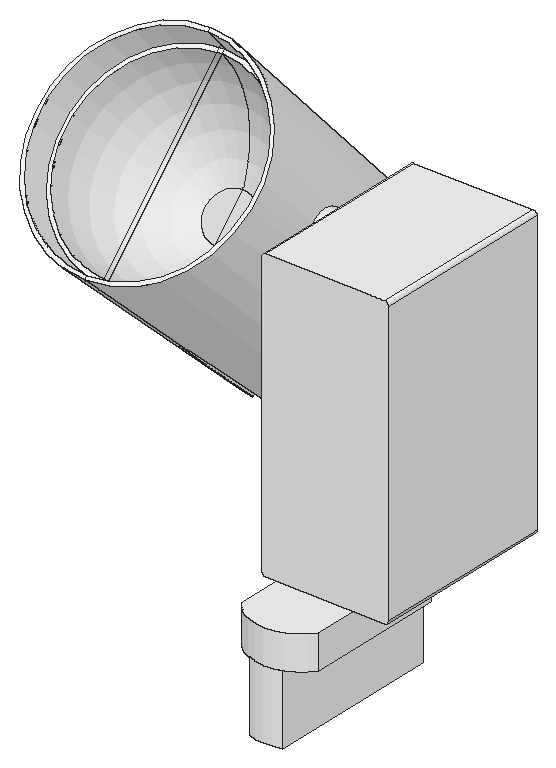
Revit family "0004825 Feilo Sylvania Lighting Fixture START TRACK SPOT S 14W 4K RA80 WB WHITE", category Lighting Fixtures, host Face, Revit 2017
Family settings
  Host = Face
  Round Connector Dimension = Use Diameter
  Part Type = Normal
  OmniClass Number = 23.80.70.00
  OmniClass Title = Lighting
  Cut with Voids When Loaded = No
  Light Source = No
  Shared = No
  Room Calculation Point = No
Parameters (values of type "0004825 START TRACK SPOT S 14W 4K RA80 WB WHITE")
  Weight = "0.94 kg"
  Wattage Comments = ""
  WarrantyStartDate [instance] = "n/a"
  WarrantyGuarantorParts = "n/a"
  WarrantyDurationUnit = "n/a"
  WarrantyDurationParts = "n/a"
  WarrantyDescription = "n/a"
  Voltage = 230 V
  URL = "http://www.sylvania-lighting.com"
  TypeName = "START TRACK SPOT S 14W 4K RA80 WB WHITE"
  TypeHead_FEILO = Start Track Spot Head : 0004825 START TRACK SPOT S 14W 4K RA80 WB WHITE
  TypeBox_FEILO = Start Track Spot Box : Type Small White
  Type Image = <None>
  Type Comments = "n/a"
  VerticalRotation_FEILO [instance] = 0.00°
  SlideEndAngle_FEILO [instance] = VerticalRotation_FEILO + 180.00°  # 180.00°
  SerialNumber [instance] = "n/a"
  Material_3_FEILO = none
  PowerFactor = 0.92
  PowerConsumption = "14 W"
  NominalLength = 0 mm
  NominalHeight = 200 mm
  NominalDepth = 140 mm
  Name = "START TRACK SPOT S 14W 4K RA80 WB WHITE"
  ModelReference = Name  # "START TRACK SPOT S 14W 4K RA80 WB WHITE"
  ModelNumber = "0004825"
  Model = Name  # "START TRACK SPOT S 14W 4K RA80 WB WHITE"
  Material = "adc12 aluminium housing, polycarbonate diffuser"
  ManufacturerName = "Feilo Sylvania"
  Manufacturer = "Feilo Sylvania"
  LuminousEfficacy = "111 lm/W"
  LuminaireType = ""
  LightOutputRatio = "100"
  LampsType = Lamp  # "LED"
  LampNominalLuminous = "1558 lm"
  LampMacAdamStep = "3"
  LampColourTemperature = "4000 K"
  LampColourRenderingIndex = "80"
  Lamp = "LED"
  Keynote = "16500"
  InstallationDate [instance] = "n/a"
  InputVoltage = "230-240V~"
  InputNominalFrequency = "50/60 Hz"
  IngressProtection = "IP20"
  ImpactProtectionIndex = "IK02"
  IfcExportType = "IfcLightFixtureType"
  IfcExportAs = "IfcLightFixtureType"
  HorizontalRotation_FEILO [instance] = 45.00°
  ExpectedLife = 50000
  ElectricShockClassification = "Class II"
  DurationUnit = "hours"
  DocumentationLiterature = "http://www.sylvania-lighting.com/product/en-int/products/0004825"
  DimmingControlOptions = "Non dimmable"
  Material_2_FEILO = none
  Description = "Integrated LED spotlight, Textured White - RAL9016, compact and minimalist design, ideal for retail applications, die-cast aluminium body, passive cooling heatsink. Beam angle: 64°, color temperature: 4000K , total system power: 14W, total fixture output: 1558 lm, LOR: 100%, colour rendering: Ra: 80 typical, LED Chromaticity: 3 step MacAdam ellipse, lifetime: >50000 hours at L70B50, energy class: A++, A+, A, IR/UV free light source without heat radiation, operating voltage: 220-240V / 50-60Hz, drive current: 350mA, electronic driver, non-dimmable, power factor: 0.92, electrical protection: Class II, Global Track 3 Phase adapter suitable for Global trac 3-circuit tracks, ingress protection rating: IP20, suitable for internal environment only, horizontal rotation: 355°, vertical tilt: 90°, dimensions: Ø86x140x200, weight: 0.940kg."
  Default Elevation = 1219.2 mm
  CreatedOn = "12/12/2017"
  CreatedBy = ""
  Cost = 0
  built-in parameter 1114216 [instance] = (empty or 0)
  ClassificationValue = "EF_70_80"
  ClassificationName = "Uniclass2015"
  Material_1_FEILO = Body-Sylvania-StartTrackSpot-White
  BarCode [instance] = "n/a"
  AssetType = "Fixed"
  AssetIdentifier [instance] = "n/a"
  Assembly Code = "D5020200"
  Apparent Load = 14 VA
  Material_4_FEILO = none
Reference planes
  plane 1 "Center (Front/Back)": y = 0
  plane 2: z = 0
  plane 3 "Center (Left/Right)": x = 0
  plane 4: x = 15
  plane 5: x = -15
  plane 6: y = 35
  plane 7: y = -35
  plane 8: z = 13
  plane 9: z = -27
  plane 10: x = 6.5
  plane 11: x = -6.5
  plane 12: y = 27
  plane 13: y = -27
  plane 14: y = 20
Forms (mm)
  Extrusion 1, solid, material "Body-Sylvania-StartTrackSpot-White" <- "Material_1_FEILO"
    sketch origin (0, 0, 0) x (1, 0, 0) y (0, 1, 0)
      loop
        line (-15, 27) -> (-15, -27)
        arc (-15, -27) -> (0, -35) -> (15, -27) r 18.062
        line (15, -27) -> (15, 27)
        arc (15, 27) -> (0, 35) -> (-15, 27) r 18.062
    from 0 to 13
  Extrusion 2, solid, material "Body-Sylvania-StartTrackSpot-White" <- "Material_1_FEILO"
    sketch origin (0, 0, 0) x (1, 0, 0) y (0, 1, 0)
      loop
        arc (6.5, 33.79) -> (0, 35) -> (-6.5, 33.79) r 18.062
        line (-6.5, 33.79) -> (-6.5, -33.79)
        arc (-6.5, -33.79) -> (0, -35) -> (6.5, -33.79) r 18.062
        line (6.5, -33.79) -> (6.5, 33.79)
    from 0 to -27
  Revolve 3, solid, not visible
    sketch origin (1524, 20, 1219.2) x (1, 0, 0) y (0, 0, 1)
      loop
        line (-1524, -1206.2) -> (-1524, -1191.285) -> (-1530.5, -1191.285) -> (-1530.5, -1206.2) -> (-1524, -1206.2)
      axis (-1524, -1191.285) -> (-1524, -1206.2)
    angle from 0 <- "VerticalRotation_FEILO" to 180 <- "SlideEndAngle_FEILO"
Cuts and joins
  joined: Extrusion 1, Extrusion 2
Dimensions and locks
  equal spacing: plane 10, plane 3 "Center (Left/Right)", plane 11
  equal spacing: plane 4, plane 3 "Center (Left/Right)", plane 5
  locked: plane 8 to plane 2 at 13
  locked: plane 8 to plane 9 at 40
  equal spacing: plane 13, plane 1 "Center (Front/Back)", plane 12
  locked: plane 12 to plane 6 at 8
  locked: plane 14 to plane 6 at 15
  locked: Revolve 3 sketch curve to plane 8 at 14.915
  aligned and locked: plane 2 to host face
  aligned and locked: level to host face
  aligned and locked: plane 5 to Extrusion 1 sketch curve  (x2)
  aligned and locked: plane 12 to Extrusion 1 sketch curve
  aligned and locked: plane 13 to Extrusion 1 sketch curve
  aligned and locked: plane 4 to Extrusion 1 sketch curve
  aligned and locked: Extrusion 1 to plane 8
  aligned and locked: Extrusion 1 to level
  aligned and locked: Extrusion 2 sketch curve to Extrusion 1  (x2)
  aligned and locked: Extrusion 2 sketch curve to plane 11
  aligned and locked: plane 10 to Extrusion 2 sketch curve
  aligned and locked: plane 9 to Extrusion 2
  aligned and locked: level to Extrusion 2
  aligned and locked: Revolve 3 sketch curve to plane 3 "Center (Left/Right)"  (x2)
  aligned and locked: plane 11 to Revolve 3 sketch curve
  aligned and locked: Revolve 3 sketch curve to plane 8
Automatic sketch dimensions
  host sketch curve to host sketch curve = 2438.4 mm  (x2)
  Extrusion 1 sketch curve to plane 3 "Center (Left/Right)" = 0 mm  (x2)
  Extrusion 1 sketch curve to plane 13 = 10.062 mm
  plane 12 to Extrusion 1 sketch curve = 10.062 mm
  Revolve 3 sketch curve to plane 3 "Center (Left/Right)" = 0 mm
  plane 9 to Revolve 3 sketch curve = 582.6 mm
  Revolve 3 sketch curve to Revolve 3 sketch curve = 2581.144 mm
Nested families
  nested 1: "Start Track Spot Head" at (-62, 20, 112.529) x (0, 0.7071, 0.7071) z (0, 0.7071, -0.7071), type <- "TypeHead_FEILO", type "0004825 START TRACK SPOT S 14W 4K RA80 WB WHITE"
    with built-in parameter 1114216 (empty or 0)
  nested 2: "Start Track Spot Box" at (8.5, 20, 73) x (-1, 0, 0) z (0, -1, 0), BoxStartAngle_FEILO <- "HorizontalRotation_FEILO", type <- "TypeBox_FEILO", type "Type Small White"
    with BoxStartAngle_FEILO 45.00°, BoxEndAngle_FEILO -135.00°
Connectors
  electrical at (0, 0, 0), driven by "Apparent Load", driven by "PowerFactor", driven by "Voltage"
    settings: index 1, voltage 230 V, apparent load 14 VA, apparent load phase1 0 VA, apparent load phase2 0 VA, apparent load phase3 0 VA, power factor 0.92, load classification "Lighting", number of poles 1, system type 30, power factor state 1, is connector primary yes, connector utility no, sub classification motor no, connector description ""
Definition of nested family "Start Track Spot Head"
  Parameters (values of type "0004811 START TRACK SPOT S 14W 3K RA80 NB WHITE")
    Wattage Comments = "n/a"
    Wattage = 14 W
    built-in parameter 1150110 = 1 (stored number, unit not read)
    URL = "http://www.feilosylvania.com"
    Type Image = (empty or 0)
    Type Comments = "n/a"
    built-in parameter 1114217 = 1 (stored number, unit not read)
    Tilt Angle = -90.00°
    built-in parameter 1150109 = 1 (stored number, unit not read)
    built-in parameter 1150134 = (empty or 0)
    built-in parameter 1150113 = 1 (stored number, unit not read)
    Photometric Web File = "0004811.ies"
    Material_3_FEILO = none
    Model = "START TRACK SPOT S 14W 3K RA80 NB WHITE"
    Manufacturer = "Feilo Sylvania"
    built-in parameter 1150105 = 123.66 (stored number, unit not read)
    Lumens = 1554 lm
    built-in parameter 1150115 = 1 (stored number, unit not read)
    built-in parameter 1150137 = (empty or 0)
    built-in parameter 1150139 = (empty or 0)
    built-in parameter 1150112 = 1 (stored number, unit not read)
    built-in parameter 1150114 = 1 (stored number, unit not read)
    Lamp = "LED"
    Keynote = "16500"
    Material_2_FEILO = none
    built-in parameter 1150132 = (empty or 0)
    built-in parameter 1150102 = (empty or 0)
    built-in parameter 1150107 = 3000 (stored number, unit not read)
    built-in parameter 1150138 = (empty or 0)
    built-in parameter 1150106 = 1.2366 (stored number, unit not read)
    HeadThickness_FEILO = if(HeadDiaOut_FEILO > 112 mm, 2 mm, 1.5 mm)  # 1.5 mm
    HeadRibOffset_FEILO = HeadHeight_FEILO / 28  # 4.179 mm
    HeadRibDepth_FEILO = HeadHeight_FEILO / 2.1  # 55.714 mm
    HeadRibCutWidth_FEILO = HeadDiaOut_FEILO / 12  # 7.167 mm
    HeadRibCutOffset_FEILO = HeadHeight_FEILO / 2.3  # 50.87 mm
    HeadReflectorRadius_FEILO = HeadDiaOut_FEILO / 1.7  # 50.588 mm
    HeadReflectorOffset_FEILO = HeadHeight_FEILO / 2.1  # 55.714 mm
    HeadLEDRadius_FEILO = HeadDiaOut_FEILO / 9  # 9.556 mm
    HeadHeight_FEILO = 117 mm
    HeadDraft_FEILO = 1 mm
    HeadDiffusorThickness_FEILO = 3 mm
    HeadDiffusorOffset_FEILO = HeadHeight_FEILO / 12.4  # 9.435 mm
    HeadDiaOut_FEILO = 86 mm
    HeadDiaIn_FEILO = HeadDiaOut_FEILO / 1.11  # 77.477 mm
    HeadAxisFromTop_FEILO = HeadHeight_FEILO / 1.687  # 69.354 mm
    Emit from Circle Diameter = HeadDiaIn_FEILO  # 77.477 mm
    Emit Shape Visible in Rendering = no
    built-in parameter 1150104 = 10.312 (stored number, unit not read)
    Dimming Lamp Color Temperature Shift = (empty or 0)
    Description = "Integrated LED spotlight, Textured White - RAL9016, compact and minimalist design, ideal for retail applications, die-cast aluminium body, passive cooling heatsink. Beam angle: 12°, color temperature: 3000K , total system power: 14W, total fixture output: 1551 lm, LOR: 100%, colour rendering: Ra: 80 typical, LED Chromaticity: 3 step MacAdam ellipse, lifetime: >50000 hours at L70B50, energy class: A++, A+, A, IR/UV free light source without heat radiation, operating voltage: 220-240V / 50-60Hz, drive current: 350mA, electronic driver, non-dimmable, power factor: 0.92, electrical protection: Class II, Global Track 3 Phase adapter suitable for Global trac 3-circuit tracks, ingress protection rating: IP20, suitable for internal environment only, horizontal rotation: 355°, vertical tilt: 90°, dimensions: Ø86x140x200, weight: 0.940kg."
    Default Elevation = 1219.2 mm
    Cost = 0
    Color Filter = 16777215
    built-in parameter 1114216 [instance] = (empty or 0)
    Material_1_FEILO = none
    built-in parameter 1114218 = 1 (stored number, unit not read)
    built-in parameter 1150133 = 10 (stored number, unit not read)
    Assembly Code = "D5020200"
    Apparent Load = 14 VA
    Material_4_FEILO = none
  Types (96, lengths in mm): name | Wattage | built-in parameter 1150134 | Photometric Web File | Model | built-in parameter 1150105 | Lumens | built-in parameter 1150107 | built-in parameter 1150106 | HeadThickness_FEILO | HeadRibOffset_FEILO | HeadRibDepth_FEILO | HeadRibCutWidth_FEILO | HeadRibCutOffset_FEILO | HeadReflectorRadius_FEILO | HeadReflectorOffset_FEILO | HeadLEDRadius_FEILO | HeadHeight_FEILO | HeadDiffusorOffset_FEILO | HeadDiaOut_FEILO | HeadDiaIn_FEILO | HeadAxisFromTop_FEILO | Emit from Circle Diameter | built-in parameter 1150104 | Description | Apparent Load
    0004906 START TRACK SPOT L 55W 4K RA90 WB BLACK | 55 W | 12 | "0004906.ies" | "START TRACK SPOT L 55W 4K RA90 WB BLACK" | 385.15 (stored number, unit not read) | 4840 lm | 4000 (stored number, unit not read) | 3.8515 (stored number, unit not read) | 2 | 4.429 | 59.048 | 9.417 | 53.913 | 66.471 | 59.048 | 12.556 | 124 | 10 | 113 | 101.802 | 73.503 | 101.802 | 8.1755 (stored number, unit not read) | "Integrated LED spotlight, Textured Black - RAL9005, compact and minimalist design, ideal for retail applications, die-cast aluminium body, passive cooling heatsink. Beam angle: 52°, color temperature: 4000K , total system power: 55W, total fixture output: 4824 lm, LOR: 100%, colour rendering: Ra: 90 typical, LED Chromaticity: 3 step MacAdam ellipse, lifetime: >50000 hours at L70B50, energy class: A++, A+, A, IR/UV free light source without heat radiation, operating voltage: 220-240V / 50-60Hz, drive current: 1400mA, electronic driver, non-dimmable, power factor: 0.96, electrical protection: Class II, Global Track 3 Phase adapter suitable for Global trac 3-circuit tracks, ingress protection rating: IP20, suitable for internal environment only, horizontal rotation: 355°, vertical tilt: 90°, dimensions: Ø113x164x240, weight: 1.398kg." | 55 VA
    0004905 START TRACK SPOT L 55W 4K RA90 MB BLACK | 55 W | 12 | "0004905.ies" | "START TRACK SPOT L 55W 4K RA90 MB BLACK" | 389.53 (stored number, unit not read) | 4895 lm | 4000 (stored number, unit not read) | 3.8953 (stored number, unit not read) | 2 | 4.429 | 59.048 | 9.417 | 53.913 | 66.471 | 59.048 | 12.556 | 124 | 10 | 113 | 101.802 | 73.503 | 101.802 | 8.2684 (stored number, unit not read) | "Integrated LED spotlight, Textured Black - RAL9005, compact and minimalist design, ideal for retail applications, die-cast aluminium body, passive cooling heatsink. Beam angle: 38°, color temperature: 4000K , total system power: 55W, total fixture output: 4897 lm, LOR: 100%, colour rendering: Ra: 90 typical, LED Chromaticity: 3 step MacAdam ellipse, lifetime: >50000 hours at L70B50, energy class: A++, A+, A, IR/UV free light source without heat radiation, operating voltage: 220-240V / 50-60Hz, drive current: 1400mA, electronic driver, non-dimmable, power factor: 0.96, electrical protection: Class II, Global Track 3 Phase adapter suitable for Global trac 3-circuit tracks, ingress protection rating: IP20, suitable for internal environment only, horizontal rotation: 355°, vertical tilt: 90°, dimensions: Ø113x164x240, weight: 1.398kg." | 55 VA
    0004904 START TRACK SPOT L 55W 4K RA90 NB BLACK | 55 W | 12 | "0004904.ies" | "START TRACK SPOT L 55W 4K RA90 NB BLACK" | 393.91 (stored number, unit not read) | 4950 lm | 4000 (stored number, unit not read) | 3.9391 (stored number, unit not read) | 2 | 4.429 | 59.048 | 9.417 | 53.913 | 66.471 | 59.048 | 12.556 | 124 | 10 | 113 | 101.802 | 73.503 | 101.802 | 8.3613 (stored number, unit not read) | "Integrated LED spotlight, Textured Black - RAL9005, compact and minimalist design, ideal for retail applications, die-cast aluminium body, passive cooling heatsink. Beam angle: 15°, color temperature: 4000K , total system power: 55W, total fixture output: 4965 lm, LOR: 100%, colour rendering: Ra: 90 typical, LED Chromaticity: 3 step MacAdam ellipse, lifetime: >50000 hours at L70B50, energy class: A++, A+, A, IR/UV free light source without heat radiation, operating voltage: 220-240V / 50-60Hz, drive current: 1400mA, electronic driver, non-dimmable, power factor: 0.96, electrical protection: Class II, Global Track 3 Phase adapter suitable for Global trac 3-circuit tracks, ingress protection rating: IP20, suitable for internal environment only, horizontal rotation: 355°, vertical tilt: 90°, dimensions: Ø113x164x240, weight: 1.398kg." | 55 VA
    0004903 START TRACK SPOT L 35W 4K RA90 WB BLACK | 35 W | 12 | "0004903.ies" | "START TRACK SPOT L 35W 4K RA90 WB BLACK" | 284.09 (stored number, unit not read) | 3570 lm | 4000 (stored number, unit not read) | 2.8409 (stored number, unit not read) | 2 | 4.429 | 59.048 | 9.417 | 53.913 | 66.471 | 59.048 | 12.556 | 124 | 10 | 113 | 101.802 | 73.503 | 101.802 | 9.4761 (stored number, unit not read) | "Integrated LED spotlight, Textured Black - RAL9005, compact and minimalist design, ideal for retail applications, die-cast aluminium body, passive cooling heatsink. Beam angle: 52°, color temperature: 4000K , total system power: 35W, total fixture output: 3562 lm, LOR: 100%, colour rendering: Ra: 90 typical, LED Chromaticity: 3 step MacAdam ellipse, lifetime: >50000 hours at L70B50, energy class: A++, A+, A, IR/UV free light source without heat radiation, operating voltage: 220-240V / 50-60Hz, drive current: 900mA, electronic driver, non-dimmable, power factor: 0.93, electrical protection: Class II, Global Track 3 Phase adapter suitable for Global trac 3-circuit tracks, ingress protection rating: IP20, suitable for internal environment only, horizontal rotation: 355°, vertical tilt: 90°, dimensions: Ø113x164x240, weight: 1.368kg." | 35 VA
    0004902 START TRACK SPOT L 35W 4K RA90 MB BLACK | 35 W | 12 | "0004902.ies" | "START TRACK SPOT L 35W 4K RA90 MB BLACK" | 286.88 (stored number, unit not read) | 3605 lm | 4000 (stored number, unit not read) | 2.8688 (stored number, unit not read) | 2 | 4.429 | 59.048 | 9.417 | 53.913 | 66.471 | 59.048 | 12.556 | 124 | 10 | 113 | 101.802 | 73.503 | 101.802 | 9.569 (stored number, unit not read) | "Integrated LED spotlight, Textured Black - RAL9005, compact and minimalist design, ideal for retail applications, die-cast aluminium body, passive cooling heatsink. Beam angle: 38°, color temperature: 4000K , total system power: 35W, total fixture output: 3616 lm, LOR: 100%, colour rendering: Ra: 90 typical, LED Chromaticity: 3 step MacAdam ellipse, lifetime: >50000 hours at L70B50, energy class: A++, A+, A, IR/UV free light source without heat radiation, operating voltage: 220-240V / 50-60Hz, drive current: 900mA, electronic driver, non-dimmable, power factor: 0.93, electrical protection: Class II, Global Track 3 Phase adapter suitable for Global trac 3-circuit tracks, ingress protection rating: IP20, suitable for internal environment only, horizontal rotation: 355°, vertical tilt: 90°, dimensions: Ø113x164x240, weight: 1.368kg." | 35 VA
    0004901 START TRACK SPOT L 35W 4K RA90 NB BLACK | 35 W | 12 | "0004901.ies" | "START TRACK SPOT L 35W 4K RA90 NB BLACK" | 286.88 (stored number, unit not read) | 3605 lm | 4000 (stored number, unit not read) | 2.8688 (stored number, unit not read) | 2 | 4.429 | 59.048 | 9.417 | 53.913 | 66.471 | 59.048 | 12.556 | 124 | 10 | 113 | 101.802 | 73.503 | 101.802 | 9.569 (stored number, unit not read) | "Integrated LED spotlight, Textured Black - RAL9005, compact and minimalist design, ideal for retail applications, die-cast aluminium body, passive cooling heatsink. Beam angle: 15°, color temperature: 4000K , total system power: 35W, total fixture output: 3593 lm, LOR: 100%, colour rendering: Ra: 90 typical, LED Chromaticity: 3 step MacAdam ellipse, lifetime: >50000 hours at L70B50, energy class: A++, A+, A, IR/UV free light source without heat radiation, operating voltage: 220-240V / 50-60Hz, drive current: 900mA, electronic driver, non-dimmable, power factor: 0.93, electrical protection: Class II, Global Track 3 Phase adapter suitable for Global trac 3-circuit tracks, ingress protection rating: IP20, suitable for internal environment only, horizontal rotation: 355°, vertical tilt: 90°, dimensions: Ø113x164x240, weight: 1.368kg." | 35 VA
    0004900 START TRACK SPOT S 24W 4K RA90 WB BLACK | 24 W | 12 | "0004900.ies" | "START TRACK SPOT S 24W 4K RA90 WB BLACK" | 166.16 (stored number, unit not read) | 2088 lm | 4000 (stored number, unit not read) | 1.6616 (stored number, unit not read) | 1.5 | 4.179 | 55.714 | 7.167 | 50.87 | 50.588 | 55.714 | 9.556 | 117 | 9.435 | 86 | 77.477 | 69.354 | 77.477 | 8.0826 (stored number, unit not read) | "Integrated LED spotlight, Textured Black - RAL9005, compact and minimalist design, ideal for retail applications, die-cast aluminium body, passive cooling heatsink. Beam angle: 64°, color temperature: 4000K , total system power: 24W, total fixture output: 2087 lm, LOR: 100%, colour rendering: Ra: 90 typical, LED Chromaticity: 3 step MacAdam ellipse, lifetime: >50000 hours at L70B50, energy class: A++, A+, A, IR/UV free light source without heat radiation, operating voltage: 220-240V / 50-60Hz, drive current: 600mA, electronic driver, non-dimmable, power factor: 0.95, electrical protection: Class II, Global Track 3 Phase adapter suitable for Global trac 3-circuit tracks, ingress protection rating: IP20, suitable for internal environment only, horizontal rotation: 355°, vertical tilt: 90°, dimensions: Ø86x140x200, weight: 0.966kg." | 24 VA
    0004899 START TRACK SPOT S 24W 4K RA90 MB BLACK | 24 W | 12 | "0004899.ies" | "START TRACK SPOT S 24W 4K RA90 MB BLACK" | 169.98 (stored number, unit not read) | 2136 lm | 4000 (stored number, unit not read) | 1.6998 (stored number, unit not read) | 1.5 | 4.179 | 55.714 | 7.167 | 50.87 | 50.588 | 55.714 | 9.556 | 117 | 9.435 | 86 | 77.477 | 69.354 | 77.477 | 8.2684 (stored number, unit not read) | "Integrated LED spotlight, Textured Black - RAL9005, compact and minimalist design, ideal for retail applications, die-cast aluminium body, passive cooling heatsink. Beam angle: 36°, color temperature: 4000K , total system power: 24W, total fixture output: 2141 lm, LOR: 100%, colour rendering: Ra: 90 typical, LED Chromaticity: 3 step MacAdam ellipse, lifetime: >50000 hours at L70B50, energy class: A++, A+, A, IR/UV free light source without heat radiation, operating voltage: 220-240V / 50-60Hz, drive current: 600mA, electronic driver, non-dimmable, power factor: 0.95, electrical protection: Class II, Global Track 3 Phase adapter suitable for Global trac 3-circuit tracks, ingress protection rating: IP20, suitable for internal environment only, horizontal rotation: 355°, vertical tilt: 90°, dimensions: Ø86x140x200, weight: 0.966kg." | 24 VA
    0004898 START TRACK SPOT S 24W 4K RA90 NB BLACK | 24 W | 12 | "0004898.ies" | "START TRACK SPOT S 24W 4K RA90 NB BLACK" | 171.89 (stored number, unit not read) | 2160 lm | 4000 (stored number, unit not read) | 1.7189 (stored number, unit not read) | 1.5 | 4.179 | 55.714 | 7.167 | 50.87 | 50.588 | 55.714 | 9.556 | 117 | 9.435 | 86 | 77.477 | 69.354 | 77.477 | 8.3613 (stored number, unit not read) | "Integrated LED spotlight, Textured Black - RAL9005, compact and minimalist design, ideal for retail applications, die-cast aluminium body, passive cooling heatsink. Beam angle: 12°, color temperature: 4000K , total system power: 24W, total fixture output: 2155 lm, LOR: 100%, colour rendering: Ra: 90 typical, LED Chromaticity: 3 step MacAdam ellipse, lifetime: >50000 hours at L70B50, energy class: A++, A+, A, IR/UV free light source without heat radiation, operating voltage: 220-240V / 50-60Hz, drive current: 600mA, electronic driver, non-dimmable, power factor: 0.95, electrical protection: Class II, Global Track 3 Phase adapter suitable for Global trac 3-circuit tracks, ingress protection rating: IP20, suitable for internal environment only, horizontal rotation: 355°, vertical tilt: 90°, dimensions: Ø86x140x200, weight: 0.966kg." | 24 VA
    0004897 START TRACK SPOT S 14W 4K RA90 WB BLACK | 14 W | 12 | "0004897.ies" | "START TRACK SPOT S 14W 4K RA90 WB BLACK" | 108.07 (stored number, unit not read) | 1358 lm | 4000 (stored number, unit not read) | 1.0807 (stored number, unit not read) | 1.5 | 4.179 | 55.714 | 7.167 | 50.87 | 50.588 | 55.714 | 9.556 | 117 | 9.435 | 86 | 77.477 | 69.354 | 77.477 | 9.0116 (stored number, unit not read) | "Integrated LED spotlight, Textured Black - RAL9005, compact and minimalist design, ideal for retail applications, die-cast aluminium body, passive cooling heatsink. Beam angle: 64°, color temperature: 4000K , total system power: 14W, total fixture output: 1352 lm, LOR: 100%, colour rendering: Ra: 90 typical, LED Chromaticity: 3 step MacAdam ellipse, lifetime: >50000 hours at L70B50, energy class: A++, A+, A, IR/UV free light source without heat radiation, operating voltage: 220-240V / 50-60Hz, drive current: 350mA, electronic driver, non-dimmable, power factor: 0.92, electrical protection: Class II, Global Track 3 Phase adapter suitable for Global trac 3-circuit tracks, ingress protection rating: IP20, suitable for internal environment only, horizontal rotation: 355°, vertical tilt: 90°, dimensions: Ø86x140x200, weight: 0.940kg." | 14 VA
    0004896 START TRACK SPOT S 14W 4K RA90 MB BLACK | 14 W | 12 | "0004896.ies" | "START TRACK SPOT S 14W 4K RA90 MB BLACK" | 108.07 (stored number, unit not read) | 1358 lm | 4000 (stored number, unit not read) | 1.0807 (stored number, unit not read) | 1.5 | 4.179 | 55.714 | 7.167 | 50.87 | 50.588 | 55.714 | 9.556 | 117 | 9.435 | 86 | 77.477 | 69.354 | 77.477 | 9.0116 (stored number, unit not read) | "Integrated LED spotlight, Textured Black - RAL9005, compact and minimalist design, ideal for retail applications, die-cast aluminium body, passive cooling heatsink. Beam angle: 36°, color temperature: 4000K , total system power: 14W, total fixture output: 1359 lm, LOR: 100%, colour rendering: Ra: 90 typical, LED Chromaticity: 3 step MacAdam ellipse, lifetime: >50000 hours at L70B50, energy class: A++, A+, A, IR/UV free light source without heat radiation, operating voltage: 220-240V / 50-60Hz, drive current: 350mA, electronic driver, non-dimmable, power factor: 0.92, electrical protection: Class II, Global Track 3 Phase adapter suitable for Global trac 3-circuit tracks, ingress protection rating: IP20, suitable for internal environment only, horizontal rotation: 355°, vertical tilt: 90°, dimensions: Ø86x140x200, weight: 0.940kg." | 14 VA
    0004895 START TRACK SPOT S 14W 4K RA90 NB BLACK | 14 W | 12 | "0004895.ies" | "START TRACK SPOT S 14W 4K RA90 NB BLACK" | 106.95 (stored number, unit not read) | 1344 lm | 4000 (stored number, unit not read) | 1.0695 (stored number, unit not read) | 1.5 | 4.179 | 55.714 | 7.167 | 50.87 | 50.588 | 55.714 | 9.556 | 117 | 9.435 | 86 | 77.477 | 69.354 | 77.477 | 8.9187 (stored number, unit not read) | "Integrated LED spotlight, Textured Black - RAL9005, compact and minimalist design, ideal for retail applications, die-cast aluminium body, passive cooling heatsink. Beam angle: 12°, color temperature: 4000K , total system power: 14W, total fixture output: 1349 lm, LOR: 100%, colour rendering: Ra: 90 typical, LED Chromaticity: 3 step MacAdam ellipse, lifetime: >50000 hours at L70B50, energy class: A++, A+, A, IR/UV free light source without heat radiation, operating voltage: 220-240V / 50-60Hz, drive current: 350mA, electronic driver, non-dimmable, power factor: 0.92, electrical protection: Class II, Global Track 3 Phase adapter suitable for Global trac 3-circuit tracks, ingress protection rating: IP20, suitable for internal environment only, horizontal rotation: 355°, vertical tilt: 90°, dimensions: Ø86x140x200, weight: 0.940kg." | 14 VA
    0004894 START TRACK SPOT L 55W 3K RA90 WB BLACK | 55 W | (empty or 0) | "0004894.ies" | "START TRACK SPOT L 55W 3K RA90 WB BLACK" | 350.14 (stored number, unit not read) | 4400 lm | 3000 (stored number, unit not read) | 3.5014 (stored number, unit not read) | 2 | 4.429 | 59.048 | 9.417 | 53.913 | 66.471 | 59.048 | 12.556 | 124 | 10 | 113 | 101.802 | 73.503 | 101.802 | 7.4322 (stored number, unit not read) | "Integrated LED spotlight, Textured Black - RAL9005, compact and minimalist design, ideal for retail applications, die-cast aluminium body, passive cooling heatsink. Beam angle: 52°, color temperature: 3000K , total system power: 55W, total fixture output: 4405 lm, LOR: 100%, colour rendering: Ra: 90 typical, LED Chromaticity: 3 step MacAdam ellipse, lifetime: >50000 hours at L70B50, energy class: A++, A+, A, IR/UV free light source without heat radiation, operating voltage: 220-240V / 50-60Hz, drive current: 1400mA, electronic driver, non-dimmable, power factor: 0.96, electrical protection: Class II, Global Track 3 Phase adapter suitable for Global trac 3-circuit tracks, ingress protection rating: IP20, suitable for internal environment only, horizontal rotation: 355°, vertical tilt: 90°, dimensions: Ø113x164x240, weight: 1.398kg." | 55 VA
    0004893 START TRACK SPOT L 55W 3K RA90 MB BLACK | 55 W | (empty or 0) | "0004893.ies" | "START TRACK SPOT L 55W 3K RA90 MB BLACK" | 354.52 (stored number, unit not read) | 4455 lm | 3000 (stored number, unit not read) | 3.5452 (stored number, unit not read) | 2 | 4.429 | 59.048 | 9.417 | 53.913 | 66.471 | 59.048 | 12.556 | 124 | 10 | 113 | 101.802 | 73.503 | 101.802 | 7.5251 (stored number, unit not read) | "Integrated LED spotlight, Textured Black - RAL9005, compact and minimalist design, ideal for retail applications, die-cast aluminium body, passive cooling heatsink. Beam angle: 38°, color temperature: 3000K , total system power: 55W, total fixture output: 4448 lm, LOR: 100%, colour rendering: Ra: 90 typical, LED Chromaticity: 3 step MacAdam ellipse, lifetime: >50000 hours at L70B50, energy class: A++, A+, A, IR/UV free light source without heat radiation, operating voltage: 220-240V / 50-60Hz, drive current: 1400mA, electronic driver, non-dimmable, power factor: 0.96, electrical protection: Class II, Global Track 3 Phase adapter suitable for Global trac 3-circuit tracks, ingress protection rating: IP20, suitable for internal environment only, horizontal rotation: 355°, vertical tilt: 90°, dimensions: Ø113x164x240, weight: 1.398kg." | 55 VA
    0004892 START TRACK SPOT L 55W 3K RA90 NB BLACK | 55 W | (empty or 0) | "0004892.ies" | "START TRACK SPOT L 55W 3K RA90 NB BLACK" | 350.14 (stored number, unit not read) | 4400 lm | 3000 (stored number, unit not read) | 3.5014 (stored number, unit not read) | 2 | 4.429 | 59.048 | 9.417 | 53.913 | 66.471 | 59.048 | 12.556 | 124 | 10 | 113 | 101.802 | 73.503 | 101.802 | 7.4322 (stored number, unit not read) | "Integrated LED spotlight, Textured Black - RAL9005, compact and minimalist design, ideal for retail applications, die-cast aluminium body, passive cooling heatsink. Beam angle: 15°, color temperature: 3000K , total system power: 55W, total fixture output: 4416 lm, LOR: 100%, colour rendering: Ra: 90 typical, LED Chromaticity: 3 step MacAdam ellipse, lifetime: >50000 hours at L70B50, energy class: A++, A+, A, IR/UV free light source without heat radiation, operating voltage: 220-240V / 50-60Hz, drive current: 1400mA, electronic driver, non-dimmable, power factor: 0.96, electrical protection: Class II, Global Track 3 Phase adapter suitable for Global trac 3-circuit tracks, ingress protection rating: IP20, suitable for internal environment only, horizontal rotation: 355°, vertical tilt: 90°, dimensions: Ø113x164x240, weight: 1.398kg." | 55 VA
    0004891 START TRACK SPOT L 35W 3K RA90 WB BLACK | 35 W | (empty or 0) | "0004891.ies" | "START TRACK SPOT L 35W 3K RA90 WB BLACK" | 259.02 (stored number, unit not read) | 3255 lm | 3000 (stored number, unit not read) | 2.5902 (stored number, unit not read) | 2 | 4.429 | 59.048 | 9.417 | 53.913 | 66.471 | 59.048 | 12.556 | 124 | 10 | 113 | 101.802 | 73.503 | 101.802 | 8.64 (stored number, unit not read) | "Integrated LED spotlight, Textured Black - RAL9005, compact and minimalist design, ideal for retail applications, die-cast aluminium body, passive cooling heatsink. Beam angle: 52°, color temperature: 3000K , total system power: 35W, total fixture output: 3260 lm, LOR: 100%, colour rendering: Ra: 90 typical, LED Chromaticity: 3 step MacAdam ellipse, lifetime: >50000 hours at L70B50, energy class: A++, A+, A, IR/UV free light source without heat radiation, operating voltage: 220-240V / 50-60Hz, drive current: 900mA, electronic driver, non-dimmable, power factor: 0.93, electrical protection: Class II, Global Track 3 Phase adapter suitable for Global trac 3-circuit tracks, ingress protection rating: IP20, suitable for internal environment only, horizontal rotation: 355°, vertical tilt: 90°, dimensions: Ø113x164x240, weight: 1.368kg." | 35 VA
    0004890 START TRACK SPOT L 35W 3K RA90 MB BLACK | 35 W | (empty or 0) | "0004890.ies" | "START TRACK SPOT L 35W 3K RA90 MB BLACK" | 261.81 (stored number, unit not read) | 3290 lm | 3000 (stored number, unit not read) | 2.6181 (stored number, unit not read) | 2 | 4.429 | 59.048 | 9.417 | 53.913 | 66.471 | 59.048 | 12.556 | 124 | 10 | 113 | 101.802 | 73.503 | 101.802 | 8.7329 (stored number, unit not read) | "Integrated LED spotlight, Textured Black - RAL9005, compact and minimalist design, ideal for retail applications, die-cast aluminium body, passive cooling heatsink. Beam angle: 38°, color temperature: 3000K , total system power: 35W, total fixture output: 3306 lm, LOR: 100%, colour rendering: Ra: 90 typical, LED Chromaticity: 3 step MacAdam ellipse, lifetime: >50000 hours at L70B50, energy class: A++, A+, A, IR/UV free light source without heat radiation, operating voltage: 220-240V / 50-60Hz, drive current: 900mA, electronic driver, non-dimmable, power factor: 0.93, electrical protection: Class II, Global Track 3 Phase adapter suitable for Global trac 3-circuit tracks, ingress protection rating: IP20, suitable for internal environment only, horizontal rotation: 355°, vertical tilt: 90°, dimensions: Ø113x164x240, weight: 1.368kg." | 35 VA
    0004889 START TRACK SPOT L 35W 3K RA90 NB BLACK | 35 W | (empty or 0) | "0004889.ies" | "START TRACK SPOT L 35W 3K RA90 NB BLACK" | 261.81 (stored number, unit not read) | 3290 lm | 3000 (stored number, unit not read) | 2.6181 (stored number, unit not read) | 2 | 4.429 | 59.048 | 9.417 | 53.913 | 66.471 | 59.048 | 12.556 | 124 | 10 | 113 | 101.802 | 73.503 | 101.802 | 8.7329 (stored number, unit not read) | "Integrated LED spotlight, Textured Black - RAL9005, compact and minimalist design, ideal for retail applications, die-cast aluminium body, passive cooling heatsink. Beam angle: 15°, color temperature: 3000K , total system power: 35W, total fixture output: 3287 lm, LOR: 100%, colour rendering: Ra: 90 typical, LED Chromaticity: 3 step MacAdam ellipse, lifetime: >50000 hours at L70B50, energy class: A++, A+, A, IR/UV free light source without heat radiation, operating voltage: 220-240V / 50-60Hz, drive current: 900mA, electronic driver, non-dimmable, power factor: 0.93, electrical protection: Class II, Global Track 3 Phase adapter suitable for Global trac 3-circuit tracks, ingress protection rating: IP20, suitable for internal environment only, horizontal rotation: 355°, vertical tilt: 90°, dimensions: Ø113x164x240, weight: 1.368kg." | 35 VA
    0004888 START TRACK SPOT S 24W 3K RA90 WB BLACK | 24 W | (empty or 0) | "0004888.ies" | "START TRACK SPOT S 24W 3K RA90 WB BLACK" | 152.79 (stored number, unit not read) | 1920 lm | 3000 (stored number, unit not read) | 1.5279 (stored number, unit not read) | 1.5 | 4.179 | 55.714 | 7.167 | 50.87 | 50.588 | 55.714 | 9.556 | 117 | 9.435 | 86 | 77.477 | 69.354 | 77.477 | 7.4322 (stored number, unit not read) | "Integrated LED spotlight, Textured Black - RAL9005, compact and minimalist design, ideal for retail applications, die-cast aluminium body, passive cooling heatsink. Beam angle: 64°, color temperature: 3000K , total system power: 24W, total fixture output: 1928 lm, LOR: 100%, colour rendering: Ra: 90 typical, LED Chromaticity: 3 step MacAdam ellipse, lifetime: >50000 hours at L70B50, energy class: A++, A+, A, IR/UV free light source without heat radiation, operating voltage: 220-240V / 50-60Hz, drive current: 600mA, electronic driver, non-dimmable, power factor: 0.95, electrical protection: Class II, Global Track 3 Phase adapter suitable for Global trac 3-circuit tracks, ingress protection rating: IP20, suitable for internal environment only, horizontal rotation: 355°, vertical tilt: 90°, dimensions: Ø86x140x200, weight: 0.966kg." | 24 VA
    0004887 START TRACK SPOT S 24W 3K RA90 MB BLACK | 24 W | (empty or 0) | "0004887.ies" | "START TRACK SPOT S 24W 3K RA90 MB BLACK" | 154.7 (stored number, unit not read) | 1944 lm | 3000 (stored number, unit not read) | 1.547 (stored number, unit not read) | 1.5 | 4.179 | 55.714 | 7.167 | 50.87 | 50.588 | 55.714 | 9.556 | 117 | 9.435 | 86 | 77.477 | 69.354 | 77.477 | 7.5251 (stored number, unit not read) | "Integrated LED spotlight, Textured Black - RAL9005, compact and minimalist design, ideal for retail applications, die-cast aluminium body, passive cooling heatsink. Beam angle: 36°, color temperature: 3000K , total system power: 24W, total fixture output: 1944 lm, LOR: 100%, colour rendering: Ra: 90 typical, LED Chromaticity: 3 step MacAdam ellipse, lifetime: >50000 hours at L70B50, energy class: A++, A+, A, IR/UV free light source without heat radiation, operating voltage: 220-240V / 50-60Hz, drive current: 600mA, electronic driver, non-dimmable, power factor: 0.95, electrical protection: Class II, Global Track 3 Phase adapter suitable for Global trac 3-circuit tracks, ingress protection rating: IP20, suitable for internal environment only, horizontal rotation: 355°, vertical tilt: 90°, dimensions: Ø86x140x200, weight: 0.966kg." | 24 VA
    0004886 START TRACK SPOT S 24W 3K RA90 NB BLACK | 24 W | (empty or 0) | "0004886.ies" | "START TRACK SPOT S 24W 3K RA90 NB BLACK" | 158.52 (stored number, unit not read) | 1992 lm | 3000 (stored number, unit not read) | 1.5852 (stored number, unit not read) | 1.5 | 4.179 | 55.714 | 7.167 | 50.87 | 50.588 | 55.714 | 9.556 | 117 | 9.435 | 86 | 77.477 | 69.354 | 77.477 | 7.711 (stored number, unit not read) | "Integrated LED spotlight, Textured Black - RAL9005, compact and minimalist design, ideal for retail applications, die-cast aluminium body, passive cooling heatsink. Beam angle: 12°, color temperature: 3000K , total system power: 24W, total fixture output: 1987 lm, LOR: 100%, colour rendering: Ra: 90 typical, LED Chromaticity: 3 step MacAdam ellipse, lifetime: >50000 hours at L70B50, energy class: A++, A+, A, IR/UV free light source without heat radiation, operating voltage: 220-240V / 50-60Hz, drive current: 600mA, electronic driver, non-dimmable, power factor: 0.95, electrical protection: Class II, Global Track 3 Phase adapter suitable for Global trac 3-circuit tracks, ingress protection rating: IP20, suitable for internal environment only, horizontal rotation: 355°, vertical tilt: 90°, dimensions: Ø86x140x200, weight: 0.966kg." | 24 VA
    0004885 START TRACK SPOT S 14W 3K RA90 WB BLACK | 14 W | (empty or 0) | "0004885.ies" | "START TRACK SPOT S 14W 3K RA90 WB BLACK" | 100.27 (stored number, unit not read) | 1260 lm | 3000 (stored number, unit not read) | 1.0027 (stored number, unit not read) | 1.5 | 4.179 | 55.714 | 7.167 | 50.87 | 50.588 | 55.714 | 9.556 | 117 | 9.435 | 86 | 77.477 | 69.354 | 77.477 | 8.3613 (stored number, unit not read) | "Integrated LED spotlight, Textured Black - RAL9005, compact and minimalist design, ideal for retail applications, die-cast aluminium body, passive cooling heatsink. Beam angle: 64°, color temperature: 3000K , total system power: 14W, total fixture output: 1262 lm, LOR: 100%, colour rendering: Ra: 90 typical, LED Chromaticity: 3 step MacAdam ellipse, lifetime: >50000 hours at L70B50, energy class: A++, A+, A, IR/UV free light source without heat radiation, operating voltage: 220-240V / 50-60Hz, drive current: 350mA, electronic driver, non-dimmable, power factor: 0.92, electrical protection: Class II, Global Track 3 Phase adapter suitable for Global trac 3-circuit tracks, ingress protection rating: IP20, suitable for internal environment only, horizontal rotation: 355°, vertical tilt: 90°, dimensions: Ø86x140x200, weight: 0.940kg." | 14 VA
    0004884 START TRACK SPOT S 14W 3K RA90 MB BLACK | 14 W | (empty or 0) | "0004884.ies" | "START TRACK SPOT S 14W 3K RA90 MB BLACK" | 100.27 (stored number, unit not read) | 1260 lm | 3000 (stored number, unit not read) | 1.0027 (stored number, unit not read) | 1.5 | 4.179 | 55.714 | 7.167 | 50.87 | 50.588 | 55.714 | 9.556 | 117 | 9.435 | 86 | 77.477 | 69.354 | 77.477 | 8.3613 (stored number, unit not read) | "Integrated LED spotlight, Textured Black - RAL9005, compact and minimalist design, ideal for retail applications, die-cast aluminium body, passive cooling heatsink. Beam angle: 36°, color temperature: 3000K , total system power: 14W, total fixture output: 1262 lm, LOR: 100%, colour rendering: Ra: 90 typical, LED Chromaticity: 3 step MacAdam ellipse, lifetime: >50000 hours at L70B50, energy class: A++, A+, A, IR/UV free light source without heat radiation, operating voltage: 220-240V / 50-60Hz, drive current: 350mA, electronic driver, non-dimmable, power factor: 0.92, electrical protection: Class II, Global Track 3 Phase adapter suitable for Global trac 3-circuit tracks, ingress protection rating: IP20, suitable for internal environment only, horizontal rotation: 355°, vertical tilt: 90°, dimensions: Ø86x140x200, weight: 0.940kg." | 14 VA
    0004883 START TRACK SPOT S 14W 3K RA90 NB BLACK | 14 W | (empty or 0) | "0004883.ies" | "START TRACK SPOT S 14W 3K RA90 NB BLACK" | 102.5 (stored number, unit not read) | 1288 lm | 3000 (stored number, unit not read) | 1.025 (stored number, unit not read) | 1.5 | 4.179 | 55.714 | 7.167 | 50.87 | 50.588 | 55.714 | 9.556 | 117 | 9.435 | 86 | 77.477 | 69.354 | 77.477 | 8.5471 (stored number, unit not read) | "Integrated LED spotlight, Textured Black - RAL9005, compact and minimalist design, ideal for retail applications, die-cast aluminium body, passive cooling heatsink. Beam angle: 12°, color temperature: 3000K , total system power: 14W, total fixture output: 1284 lm, LOR: 100%, colour rendering: Ra: 90 typical, LED Chromaticity: 3 step MacAdam ellipse, lifetime: >50000 hours at L70B50, energy class: A++, A+, A, IR/UV free light source without heat radiation, operating voltage: 220-240V / 50-60Hz, drive current: 350mA, electronic driver, non-dimmable, power factor: 0.92, electrical protection: Class II, Global Track 3 Phase adapter suitable for Global trac 3-circuit tracks, ingress protection rating: IP20, suitable for internal environment only, horizontal rotation: 355°, vertical tilt: 90°, dimensions: Ø86x140x200, weight: 0.940kg." | 14 VA
    0004882 START TRACK SPOT L 55W 4K RA90 WB WHITE | 55 W | 12 | "0004882.ies" | "START TRACK SPOT L 55W 4K RA90 WB WHITE" | 385.15 (stored number, unit not read) | 4840 lm | 4000 (stored number, unit not read) | 3.8515 (stored number, unit not read) | 2 | 4.429 | 59.048 | 9.417 | 53.913 | 66.471 | 59.048 | 12.556 | 124 | 10 | 113 | 101.802 | 73.503 | 101.802 | 8.1755 (stored number, unit not read) | "Integrated LED spotlight, Textured White - RAL9016, compact and minimalist design, ideal for retail applications, die-cast aluminium body, passive cooling heatsink. Beam angle: 52°, color temperature: 4000K , total system power: 55W, total fixture output: 4824 lm, LOR: 100%, colour rendering: Ra: 90 typical, LED Chromaticity: 3 step MacAdam ellipse, lifetime: >50000 hours at L70B50, energy class: A++, A+, A, IR/UV free light source without heat radiation, operating voltage: 220-240V / 50-60Hz, drive current: 1400mA, electronic driver, non-dimmable, power factor: 0.96, electrical protection: Class II, Global Track 3 Phase adapter suitable for Global trac 3-circuit tracks, ingress protection rating: IP20, suitable for internal environment only, horizontal rotation: 355°, vertical tilt: 90°, dimensions: Ø113x164x240, weight: 1.398kg." | 55 VA
    0004881 START TRACK SPOT L 55W 4K RA90 MB WHITE | 55 W | 12 | "0004881.ies" | "START TRACK SPOT L 55W 4K RA90 MB WHITE" | 389.53 (stored number, unit not read) | 4895 lm | 4000 (stored number, unit not read) | 3.8953 (stored number, unit not read) | 2 | 4.429 | 59.048 | 9.417 | 53.913 | 66.471 | 59.048 | 12.556 | 124 | 10 | 113 | 101.802 | 73.503 | 101.802 | 8.2684 (stored number, unit not read) | "Integrated LED spotlight, Textured White - RAL9016, compact and minimalist design, ideal for retail applications, die-cast aluminium body, passive cooling heatsink. Beam angle: 38°, color temperature: 4000K , total system power: 55W, total fixture output: 4897 lm, LOR: 100%, colour rendering: Ra: 90 typical, LED Chromaticity: 3 step MacAdam ellipse, lifetime: >50000 hours at L70B50, energy class: A++, A+, A, IR/UV free light source without heat radiation, operating voltage: 220-240V / 50-60Hz, drive current: 1400mA, electronic driver, non-dimmable, power factor: 0.96, electrical protection: Class II, Global Track 3 Phase adapter suitable for Global trac 3-circuit tracks, ingress protection rating: IP20, suitable for internal environment only, horizontal rotation: 355°, vertical tilt: 90°, dimensions: Ø113x164x240, weight: 1.398kg." | 55 VA
    0004880 START TRACK SPOT L 55W 4K RA90 NB WHITE | 55 W | 12 | "0004880.ies" | "START TRACK SPOT L 55W 4K RA90 NB WHITE" | 393.91 (stored number, unit not read) | 4950 lm | 4000 (stored number, unit not read) | 3.9391 (stored number, unit not read) | 2 | 4.429 | 59.048 | 9.417 | 53.913 | 66.471 | 59.048 | 12.556 | 124 | 10 | 113 | 101.802 | 73.503 | 101.802 | 8.3613 (stored number, unit not read) | "Integrated LED spotlight, Textured White - RAL9016, compact and minimalist design, ideal for retail applications, die-cast aluminium body, passive cooling heatsink. Beam angle: 15°, color temperature: 4000K , total system power: 55W, total fixture output: 4965 lm, LOR: 100%, colour rendering: Ra: 90 typical, LED Chromaticity: 3 step MacAdam ellipse, lifetime: >50000 hours at L70B50, energy class: A++, A+, A, IR/UV free light source without heat radiation, operating voltage: 220-240V / 50-60Hz, drive current: 1400mA, electronic driver, non-dimmable, power factor: 0.96, electrical protection: Class II, Global Track 3 Phase adapter suitable for Global trac 3-circuit tracks, ingress protection rating: IP20, suitable for internal environment only, horizontal rotation: 355°, vertical tilt: 90°, dimensions: Ø113x164x240, weight: 1.398kg." | 55 VA
    0004879 START TRACK SPOT L 35W 4K RA90 WB WHITE | 35 W | 12 | "0004879.ies" | "START TRACK SPOT L 35W 4K RA90 WB WHITE" | 284.09 (stored number, unit not read) | 3570 lm | 4000 (stored number, unit not read) | 2.8409 (stored number, unit not read) | 2 | 4.429 | 59.048 | 9.417 | 53.913 | 66.471 | 59.048 | 12.556 | 124 | 10 | 113 | 101.802 | 73.503 | 101.802 | 9.4761 (stored number, unit not read) | "Integrated LED spotlight, Textured White - RAL9016, compact and minimalist design, ideal for retail applications, die-cast aluminium body, passive cooling heatsink. Beam angle: 52°, color temperature: 4000K , total system power: 35W, total fixture output: 3562 lm, LOR: 100%, colour rendering: Ra: 90 typical, LED Chromaticity: 3 step MacAdam ellipse, lifetime: >50000 hours at L70B50, energy class: A++, A+, A, IR/UV free light source without heat radiation, operating voltage: 220-240V / 50-60Hz, drive current: 900mA, electronic driver, non-dimmable, power factor: 0.93, electrical protection: Class II, Global Track 3 Phase adapter suitable for Global trac 3-circuit tracks, ingress protection rating: IP20, suitable for internal environment only, horizontal rotation: 355°, vertical tilt: 90°, dimensions: Ø113x164x240, weight: 1.368kg." | 35 VA
    0004878 START TRACK SPOT L 35W 4K RA90 MB WHITE | 35 W | 12 | "0004878.ies" | "START TRACK SPOT L 35W 4K RA90 MB WHITE" | 286.88 (stored number, unit not read) | 3605 lm | 4000 (stored number, unit not read) | 2.8688 (stored number, unit not read) | 2 | 4.429 | 59.048 | 9.417 | 53.913 | 66.471 | 59.048 | 12.556 | 124 | 10 | 113 | 101.802 | 73.503 | 101.802 | 9.569 (stored number, unit not read) | "Integrated LED spotlight, Textured White - RAL9016, compact and minimalist design, ideal for retail applications, die-cast aluminium body, passive cooling heatsink. Beam angle: 38°, color temperature: 4000K , total system power: 35W, total fixture output: 3616 lm, LOR: 100%, colour rendering: Ra: 90 typical, LED Chromaticity: 3 step MacAdam ellipse, lifetime: >50000 hours at L70B50, energy class: A++, A+, A, IR/UV free light source without heat radiation, operating voltage: 220-240V / 50-60Hz, drive current: 900mA, electronic driver, non-dimmable, power factor: 0.93, electrical protection: Class II, Global Track 3 Phase adapter suitable for Global trac 3-circuit tracks, ingress protection rating: IP20, suitable for internal environment only, horizontal rotation: 355°, vertical tilt: 90°, dimensions: Ø113x164x240, weight: 1.368kg." | 35 VA
    0004877 START TRACK SPOT L 35W 4K RA90 NB WHITE | 35 W | 12 | "0004877.ies" | "START TRACK SPOT L 35W 4K RA90 NB WHITE" | 286.88 (stored number, unit not read) | 3605 lm | 4000 (stored number, unit not read) | 2.8688 (stored number, unit not read) | 2 | 4.429 | 59.048 | 9.417 | 53.913 | 66.471 | 59.048 | 12.556 | 124 | 10 | 113 | 101.802 | 73.503 | 101.802 | 9.569 (stored number, unit not read) | "Integrated LED spotlight, Textured White - RAL9016, compact and minimalist design, ideal for retail applications, die-cast aluminium body, passive cooling heatsink. Beam angle: 15°, color temperature: 4000K , total system power: 35W, total fixture output: 3593 lm, LOR: 100%, colour rendering: Ra: 90 typical, LED Chromaticity: 3 step MacAdam ellipse, lifetime: >50000 hours at L70B50, energy class: A++, A+, A, IR/UV free light source without heat radiation, operating voltage: 220-240V / 50-60Hz, drive current: 900mA, electronic driver, non-dimmable, power factor: 0.93, electrical protection: Class II, Global Track 3 Phase adapter suitable for Global trac 3-circuit tracks, ingress protection rating: IP20, suitable for internal environment only, horizontal rotation: 355°, vertical tilt: 90°, dimensions: Ø113x164x240, weight: 1.368kg." | 35 VA
    0004876 START TRACK SPOT S 24W 4K RA90 WB WHITE | 24 W | 12 | "0004876.ies" | "START TRACK SPOT S 24W 4K RA90 WB WHITE" | 166.16 (stored number, unit not read) | 2088 lm | 4000 (stored number, unit not read) | 1.6616 (stored number, unit not read) | 1.5 | 4.179 | 55.714 | 7.167 | 50.87 | 50.588 | 55.714 | 9.556 | 117 | 9.435 | 86 | 77.477 | 69.354 | 77.477 | 8.0826 (stored number, unit not read) | "Integrated LED spotlight, Textured White - RAL9016, compact and minimalist design, ideal for retail applications, die-cast aluminium body, passive cooling heatsink. Beam angle: 64°, color temperature: 4000K , total system power: 24W, total fixture output: 2087 lm, LOR: 100%, colour rendering: Ra: 90 typical, LED Chromaticity: 3 step MacAdam ellipse, lifetime: >50000 hours at L70B50, energy class: A++, A+, A, IR/UV free light source without heat radiation, operating voltage: 220-240V / 50-60Hz, drive current: 600mA, electronic driver, non-dimmable, power factor: 0.95, electrical protection: Class II, Global Track 3 Phase adapter suitable for Global trac 3-circuit tracks, ingress protection rating: IP20, suitable for internal environment only, horizontal rotation: 355°, vertical tilt: 90°, dimensions: Ø86x140x200, weight: 0.966kg." | 24 VA
    0004875 START TRACK SPOT S 24W 4K RA90 MB WHITE | 24 W | 12 | "0004875.ies" | "START TRACK SPOT S 24W 4K RA90 MB WHITE" | 169.98 (stored number, unit not read) | 2136 lm | 4000 (stored number, unit not read) | 1.6998 (stored number, unit not read) | 1.5 | 4.179 | 55.714 | 7.167 | 50.87 | 50.588 | 55.714 | 9.556 | 117 | 9.435 | 86 | 77.477 | 69.354 | 77.477 | 8.2684 (stored number, unit not read) | "Integrated LED spotlight, Textured White - RAL9016, compact and minimalist design, ideal for retail applications, die-cast aluminium body, passive cooling heatsink. Beam angle: 36°, color temperature: 4000K , total system power: 24W, total fixture output: 2141 lm, LOR: 100%, colour rendering: Ra: 90 typical, LED Chromaticity: 3 step MacAdam ellipse, lifetime: >50000 hours at L70B50, energy class: A++, A+, A, IR/UV free light source without heat radiation, operating voltage: 220-240V / 50-60Hz, drive current: 600mA, electronic driver, non-dimmable, power factor: 0.95, electrical protection: Class II, Global Track 3 Phase adapter suitable for Global trac 3-circuit tracks, ingress protection rating: IP20, suitable for internal environment only, horizontal rotation: 355°, vertical tilt: 90°, dimensions: Ø86x140x200, weight: 0.966kg." | 24 VA
    0004874 START TRACK SPOT S 24W 4K RA90 NB WHITE | 24 W | 12 | "0004874.ies" | "START TRACK SPOT S 24W 4K RA90 NB WHITE" | 171.89 (stored number, unit not read) | 2160 lm | 4000 (stored number, unit not read) | 1.7189 (stored number, unit not read) | 1.5 | 4.179 | 55.714 | 7.167 | 50.87 | 50.588 | 55.714 | 9.556 | 117 | 9.435 | 86 | 77.477 | 69.354 | 77.477 | 8.3613 (stored number, unit not read) | "Integrated LED spotlight, Textured White - RAL9016, compact and minimalist design, ideal for retail applications, die-cast aluminium body, passive cooling heatsink. Beam angle: 12°, color temperature: 4000K , total system power: 24W, total fixture output: 2155 lm, LOR: 100%, colour rendering: Ra: 90 typical, LED Chromaticity: 3 step MacAdam ellipse, lifetime: >50000 hours at L70B50, energy class: A++, A+, A, IR/UV free light source without heat radiation, operating voltage: 220-240V / 50-60Hz, drive current: 600mA, electronic driver, non-dimmable, power factor: 0.95, electrical protection: Class II, Global Track 3 Phase adapter suitable for Global trac 3-circuit tracks, ingress protection rating: IP20, suitable for internal environment only, horizontal rotation: 355°, vertical tilt: 90°, dimensions: Ø86x140x200, weight: 0.966kg." | 24 VA
    0004873 START TRACK SPOT S 14W 4K RA90 WB WHITE | 14 W | 12 | "0004873.ies" | "START TRACK SPOT S 14W 4K RA90 WB WHITE" | 108.07 (stored number, unit not read) | 1358 lm | 4000 (stored number, unit not read) | 1.0807 (stored number, unit not read) | 1.5 | 4.179 | 55.714 | 7.167 | 50.87 | 50.588 | 55.714 | 9.556 | 117 | 9.435 | 86 | 77.477 | 69.354 | 77.477 | 9.0116 (stored number, unit not read) | "Integrated LED spotlight, Textured White - RAL9016, compact and minimalist design, ideal for retail applications, die-cast aluminium body, passive cooling heatsink. Beam angle: 64°, color temperature: 4000K , total system power: 14W, total fixture output: 1352 lm, LOR: 100%, colour rendering: Ra: 90 typical, LED Chromaticity: 3 step MacAdam ellipse, lifetime: >50000 hours at L70B50, energy class: A++, A+, A, IR/UV free light source without heat radiation, operating voltage: 220-240V / 50-60Hz, drive current: 350mA, electronic driver, non-dimmable, power factor: 0.92, electrical protection: Class II, Global Track 3 Phase adapter suitable for Global trac 3-circuit tracks, ingress protection rating: IP20, suitable for internal environment only, horizontal rotation: 355°, vertical tilt: 90°, dimensions: Ø86x140x200, weight: 0.940kg." | 14 VA
    0004872 START TRACK SPOT S 14W 4K RA90 MB WHITE | 14 W | 12 | "0004872.ies" | "START TRACK SPOT S 14W 4K RA90 MB WHITE" | 108.07 (stored number, unit not read) | 1358 lm | 4000 (stored number, unit not read) | 1.0807 (stored number, unit not read) | 1.5 | 4.179 | 55.714 | 7.167 | 50.87 | 50.588 | 55.714 | 9.556 | 117 | 9.435 | 86 | 77.477 | 69.354 | 77.477 | 9.0116 (stored number, unit not read) | "Integrated LED spotlight, Textured White - RAL9016, compact and minimalist design, ideal for retail applications, die-cast aluminium body, passive cooling heatsink. Beam angle: 36°, color temperature: 4000K , total system power: 14W, total fixture output: 1359 lm, LOR: 100%, colour rendering: Ra: 90 typical, LED Chromaticity: 3 step MacAdam ellipse, lifetime: >50000 hours at L70B50, energy class: A++, A+, A, IR/UV free light source without heat radiation, operating voltage: 220-240V / 50-60Hz, drive current: 350mA, electronic driver, non-dimmable, power factor: 0.92, electrical protection: Class II, Global Track 3 Phase adapter suitable for Global trac 3-circuit tracks, ingress protection rating: IP20, suitable for internal environment only, horizontal rotation: 355°, vertical tilt: 90°, dimensions: Ø86x140x200, weight: 0.940kg." | 14 VA
    0004871 START TRACK SPOT S 14W 4K RA90 NB WHITE | 14 W | 12 | "0004871.ies" | "START TRACK SPOT S 14W 4K RA90 NB WHITE" | 106.95 (stored number, unit not read) | 1344 lm | 4000 (stored number, unit not read) | 1.0695 (stored number, unit not read) | 1.5 | 4.179 | 55.714 | 7.167 | 50.87 | 50.588 | 55.714 | 9.556 | 117 | 9.435 | 86 | 77.477 | 69.354 | 77.477 | 8.9187 (stored number, unit not read) | "Integrated LED spotlight, Textured White - RAL9016, compact and minimalist design, ideal for retail applications, die-cast aluminium body, passive cooling heatsink. Beam angle: 12°, color temperature: 4000K , total system power: 14W, total fixture output: 1349 lm, LOR: 100%, colour rendering: Ra: 90 typical, LED Chromaticity: 3 step MacAdam ellipse, lifetime: >50000 hours at L70B50, energy class: A++, A+, A, IR/UV free light source without heat radiation, operating voltage: 220-240V / 50-60Hz, drive current: 350mA, electronic driver, non-dimmable, power factor: 0.92, electrical protection: Class II, Global Track 3 Phase adapter suitable for Global trac 3-circuit tracks, ingress protection rating: IP20, suitable for internal environment only, horizontal rotation: 355°, vertical tilt: 90°, dimensions: Ø86x140x200, weight: 0.940kg." | 14 VA
    0004870 START TRACK SPOT L 55W 3K RA90 WB WHITE | 55 W | (empty or 0) | "0004870.ies" | "START TRACK SPOT L 55W 3K RA90 WB WHITE" | 350.14 (stored number, unit not read) | 4400 lm | 3000 (stored number, unit not read) | 3.5014 (stored number, unit not read) | 2 | 4.429 | 59.048 | 9.417 | 53.913 | 66.471 | 59.048 | 12.556 | 124 | 10 | 113 | 101.802 | 73.503 | 101.802 | 7.4322 (stored number, unit not read) | "Integrated LED spotlight, Textured White - RAL9016, compact and minimalist design, ideal for retail applications, die-cast aluminium body, passive cooling heatsink. Beam angle: 52°, color temperature: 3000K , total system power: 55W, total fixture output: 4405 lm, LOR: 100%, colour rendering: Ra: 90 typical, LED Chromaticity: 3 step MacAdam ellipse, lifetime: >50000 hours at L70B50, energy class: A++, A+, A, IR/UV free light source without heat radiation, operating voltage: 220-240V / 50-60Hz, drive current: 1400mA, electronic driver, non-dimmable, power factor: 0.96, electrical protection: Class II, Global Track 3 Phase adapter suitable for Global trac 3-circuit tracks, ingress protection rating: IP20, suitable for internal environment only, horizontal rotation: 355°, vertical tilt: 90°, dimensions: Ø113x164x240, weight: 1.398kg." | 55 VA
    0004869 START TRACK SPOT L 55W 3K RA90 MB WHITE | 55 W | (empty or 0) | "0004869.ies" | "START TRACK SPOT L 55W 3K RA90 MB WHITE" | 354.52 (stored number, unit not read) | 4455 lm | 3000 (stored number, unit not read) | 3.5452 (stored number, unit not read) | 2 | 4.429 | 59.048 | 9.417 | 53.913 | 66.471 | 59.048 | 12.556 | 124 | 10 | 113 | 101.802 | 73.503 | 101.802 | 7.5251 (stored number, unit not read) | "Integrated LED spotlight, Textured White - RAL9016, compact and minimalist design, ideal for retail applications, die-cast aluminium body, passive cooling heatsink. Beam angle: 38°, color temperature: 3000K , total system power: 55W, total fixture output: 4448 lm, LOR: 100%, colour rendering: Ra: 90 typical, LED Chromaticity: 3 step MacAdam ellipse, lifetime: >50000 hours at L70B50, energy class: A++, A+, A, IR/UV free light source without heat radiation, operating voltage: 220-240V / 50-60Hz, drive current: 1400mA, electronic driver, non-dimmable, power factor: 0.96, electrical protection: Class II, Global Track 3 Phase adapter suitable for Global trac 3-circuit tracks, ingress protection rating: IP20, suitable for internal environment only, horizontal rotation: 355°, vertical tilt: 90°, dimensions: Ø113x164x240, weight: 1.398kg." | 55 VA
    0004868 START TRACK SPOT L 55W 3K RA90 NB WHITE | 55 W | (empty or 0) | "0004868.ies" | "START TRACK SPOT L 55W 3K RA90 NB WHITE" | 350.14 (stored number, unit not read) | 4400 lm | 3000 (stored number, unit not read) | 3.5014 (stored number, unit not read) | 2 | 4.429 | 59.048 | 9.417 | 53.913 | 66.471 | 59.048 | 12.556 | 124 | 10 | 113 | 101.802 | 73.503 | 101.802 | 7.4322 (stored number, unit not read) | "Integrated LED spotlight, Textured White - RAL9016, compact and minimalist design, ideal for retail applications, die-cast aluminium body, passive cooling heatsink. Beam angle: 15°, color temperature: 3000K , total system power: 55W, total fixture output: 4416 lm, LOR: 100%, colour rendering: Ra: 90 typical, LED Chromaticity: 3 step MacAdam ellipse, lifetime: >50000 hours at L70B50, energy class: A++, A+, A, IR/UV free light source without heat radiation, operating voltage: 220-240V / 50-60Hz, drive current: 1400mA, electronic driver, non-dimmable, power factor: 0.96, electrical protection: Class II, Global Track 3 Phase adapter suitable for Global trac 3-circuit tracks, ingress protection rating: IP20, suitable for internal environment only, horizontal rotation: 355°, vertical tilt: 90°, dimensions: Ø113x164x240, weight: 1.398kg." | 55 VA
    0004867 START TRACK SPOT L 35W 3K RA90 WB WHITE | 35 W | (empty or 0) | "0004867.ies" | "START TRACK SPOT L 35W 3K RA90 WB WHITE" | 259.02 (stored number, unit not read) | 3255 lm | 3000 (stored number, unit not read) | 2.5902 (stored number, unit not read) | 2 | 4.429 | 59.048 | 9.417 | 53.913 | 66.471 | 59.048 | 12.556 | 124 | 10 | 113 | 101.802 | 73.503 | 101.802 | 8.64 (stored number, unit not read) | "Integrated LED spotlight, Textured White - RAL9016, compact and minimalist design, ideal for retail applications, die-cast aluminium body, passive cooling heatsink. Beam angle: 52°, color temperature: 3000K , total system power: 35W, total fixture output: 3260 lm, LOR: 100%, colour rendering: Ra: 90 typical, LED Chromaticity: 3 step MacAdam ellipse, lifetime: >50000 hours at L70B50, energy class: A++, A+, A, IR/UV free light source without heat radiation, operating voltage: 220-240V / 50-60Hz, drive current: 900mA, electronic driver, non-dimmable, power factor: 0.93, electrical protection: Class II, Global Track 3 Phase adapter suitable for Global trac 3-circuit tracks, ingress protection rating: IP20, suitable for internal environment only, horizontal rotation: 355°, vertical tilt: 90°, dimensions: Ø113x164x240, weight: 1.368kg." | 35 VA
    0004866 START TRACK SPOT L 35W 3K RA90 MB WHITE | 35 W | (empty or 0) | "0004866.ies" | "START TRACK SPOT L 35W 3K RA90 MB WHITE" | 261.81 (stored number, unit not read) | 3290 lm | 3000 (stored number, unit not read) | 2.6181 (stored number, unit not read) | 2 | 4.429 | 59.048 | 9.417 | 53.913 | 66.471 | 59.048 | 12.556 | 124 | 10 | 113 | 101.802 | 73.503 | 101.802 | 8.7329 (stored number, unit not read) | "Integrated LED spotlight, Textured White - RAL9016, compact and minimalist design, ideal for retail applications, die-cast aluminium body, passive cooling heatsink. Beam angle: 38°, color temperature: 3000K , total system power: 35W, total fixture output: 3306 lm, LOR: 100%, colour rendering: Ra: 90 typical, LED Chromaticity: 3 step MacAdam ellipse, lifetime: >50000 hours at L70B50, energy class: A++, A+, A, IR/UV free light source without heat radiation, operating voltage: 220-240V / 50-60Hz, drive current: 900mA, electronic driver, non-dimmable, power factor: 0.93, electrical protection: Class II, Global Track 3 Phase adapter suitable for Global trac 3-circuit tracks, ingress protection rating: IP20, suitable for internal environment only, horizontal rotation: 355°, vertical tilt: 90°, dimensions: Ø113x164x240, weight: 1.368kg." | 35 VA
    0004865 START TRACK SPOT L 35W 3K RA90 NB WHITE | 35 W | (empty or 0) | "0004865.ies" | "START TRACK SPOT L 35W 3K RA90 NB WHITE" | 261.81 (stored number, unit not read) | 3290 lm | 3000 (stored number, unit not read) | 2.6181 (stored number, unit not read) | 2 | 4.429 | 59.048 | 9.417 | 53.913 | 66.471 | 59.048 | 12.556 | 124 | 10 | 113 | 101.802 | 73.503 | 101.802 | 8.7329 (stored number, unit not read) | "Integrated LED spotlight, Textured White - RAL9016, compact and minimalist design, ideal for retail applications, die-cast aluminium body, passive cooling heatsink. Beam angle: 15°, color temperature: 3000K , total system power: 35W, total fixture output: 3287 lm, LOR: 100%, colour rendering: Ra: 90 typical, LED Chromaticity: 3 step MacAdam ellipse, lifetime: >50000 hours at L70B50, energy class: A++, A+, A, IR/UV free light source without heat radiation, operating voltage: 220-240V / 50-60Hz, drive current: 900mA, electronic driver, non-dimmable, power factor: 0.93, electrical protection: Class II, Global Track 3 Phase adapter suitable for Global trac 3-circuit tracks, ingress protection rating: IP20, suitable for internal environment only, horizontal rotation: 355°, vertical tilt: 90°, dimensions: Ø113x164x240, weight: 1.368kg." | 35 VA
